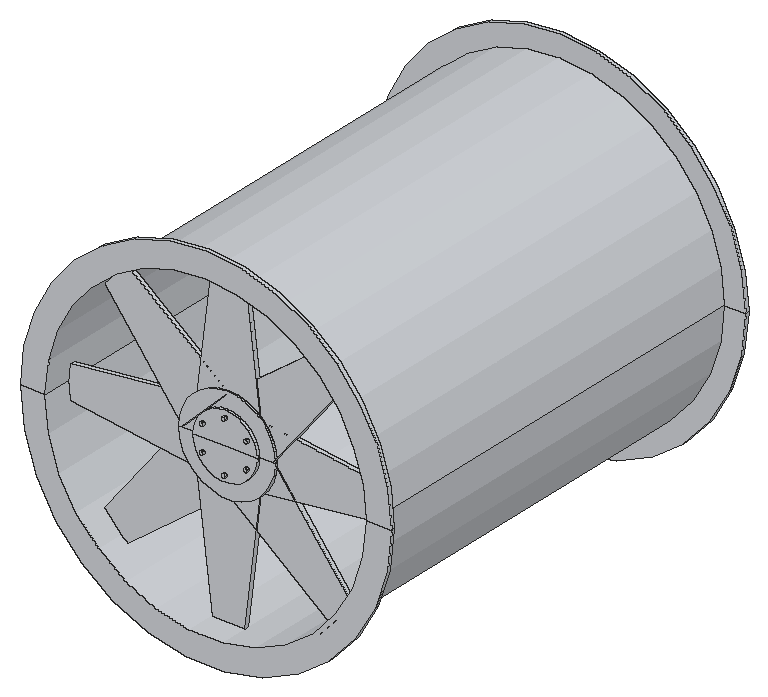
Revit family "CADS_Vent-Axia_MechEquip_Fan_BIFA_450_1Ph4P - SUPPLY", category Mechanical Equipment, Revit 2020
Family settings
  Round Connector Dimension = Use Diameter
  Part Type = Normal
  OmniClass Number = 23.75.00.00
  OmniClass Title = Climate Control (HVAC)
  Work Plane-Based = No
  Always vertical = Yes
  Cut with Voids When Loaded = No
  Shared = No
  Room Calculation Point = No
Parameters (values of type "BIFA451440")
  WorkingPressure = 0.0 Pa
  WarrantyStartDate [instance] = "1900-12-31T23:59:59"
  WarrantyPeriod = ""
  WarrantyIdentifier = "N/A"
  WarrantyGuarantorParts = "tech@vent-axia.com"
  WarrantyGuarantorLabor = "tech@vent-axia.com"
  WarrantyGuarantor = "Vent-Axia Limited"
  WarrantyEndDate [instance] = "1900-12-31T23:59:59"
  WarrantyContent = ""
  TemperatureRange = ""
  TagNumber [instance] = "N/A"
  SustainabilityPerformance = ""
  Status = "New"
  Size = ""
  Shape = ""
  ServiceLifeType = ""
  ServiceLifeDuration = ""
  SerialNumber [instance] = "N/A"
  ReplacementCost = ""
  RatedVoltage = 0 V
  RatedCurrent = 0 A
  Quantity = 1
  ProductionYear = ""
  PressureCurve = ""
  PowerFactor = ""
  PointOfContact = ""
  NumberOfPoles = 0
  NominalWidth = 450 mm
  NominalLength = 625 mm
  NominalHeight = 450 mm
  NominalFrequencyRange = ""
  NominalDiameter = 450 mm
  ModelReference = "BIF 450MM 1PH 4P 40DEG"
  ModelNumber = "BIFA451440"
  Material = ""
  ManufacturerE-Mail = "tech@vent-axia.com"
  ManufacturerAddress = "Fleming Way\nCrawley \nRH10 9YX"
  IsExtendedWarranty = no
  InsulationStandardClass = ""
  InstallationDate [instance] = "1900-12-31T23:59:59"
  IfcExportType [instance] = ""
  IfcExportAs = "IfcFanType"
  IP_Code = ""
  HasProtectiveEarth = no
  GrossWeight = 0.00 kg
  Grade = ""
  GlobalTradeItemNumber [instance] = "N/A"
  Fitting Type = "Ignore"
  Finish = ""
  Features = ""
  ExteriorInsulation = no
  ExpectedServiceLife = 0
  Exclusions = ""
  DurationUnit = "Year"
  Default Elevation = 0 mm
  Constituents = ""
  ConductorFunction = ""
  Color = ""
  CodePerformance = ""
  Category = ""
  CADS_Usage = 0
  CADS_Index = 0
  AssetType = "FIXED"
  AssetIdentifier [instance] = "N/A"
  AssemblyPlace = "UNKNOWN"
  ArticleNumber [instance] = "N/A"
  AirflowRateRange = 0.0 L/s
  Air Flow [instance] = 0.0 L/s
  AccessibilityPerformance = ""
Types (16, lengths in mm): name | ModelReference | ModelNumber
  BIFA451410 | "BIF 450MM 1PH 4P 10DEG" | "BIFA451410"
  BIFA451412 | "BIF 450MM 1PH 4P 12DEG" | "BIFA451412"
  BIFA451414 | "BIF 450MM 1PH 4P 14DEG" | "BIFA451414"
  BIFA451416 | "BIF 450MM 1PH 4P 16DEG" | "BIFA451416"
  BIFA451418 | "BIF 450MM 1PH 4P 18DEG" | "BIFA451418"
  BIFA451420 | "BIF 450MM 1PH 4P 20DEG" | "BIFA451420"
  BIFA451422 | "BIF 450MM 1PH 4P 22DEG" | "BIFA451422"
  BIFA451424 | "BIF 450MM 1PH 4P 24DEG" | "BIFA451424"
  BIFA451426 | "BIF 450MM 1PH 4P 26DEG" | "BIFA451426"
  BIFA451428 | "BIF 450MM 1PH 4P 28DEG" | "BIFA451428"
  BIFA451430 | "BIF 450MM 1PH 4P 30DEG" | "BIFA451430"
  BIFA451432 | "BIF 450MM 1PH 4P 32DEG" | "BIFA451432"
  BIFA451434 | "BIF 450MM 1PH 4P 34DEG" | "BIFA451434"
  BIFA451436 | "BIF 450MM 1PH 4P 36DEG" | "BIFA451436"
  BIFA451438 | "BIF 450MM 1PH 4P 38DEG" | "BIFA451438"
  BIFA451440 | "BIF 450MM 1PH 4P 40DEG" | "BIFA451440"
Reference planes
  plane 1 "Center (Front/Back)": y = 0
  plane 2: z = 0
  plane 3 "Center (Left/Right)": x = 0
  plane 4: x = -225
  plane 5: x = 225
  plane 6 "F": y = -312.5
  plane 7 "B": y = 312.5
  plane 8: x = -260
  plane 9: y = 307.5
  plane 10: y = -307.5
  plane 11: x = -230
  plane 12: y = -272.5
Forms (mm)
  Revolve 1, solid
    sketch origin (0, 0, 0) x (1, 0, 0) y (0, 1, 0)
      loop
        line (-260, -312.5) -> (-225, -312.5) -> (-225, 312.5) -> (-260, 312.5) -> (-260, 307.5) -> (-230, 307.5) -> (-230, -307.5) -> (-260, -307.5) -> (-260, -312.5)
      axis (0, 312.5) -> (0, -312.5)
    angle from 0 to 360
Dimensions and locks
  equal spacing: plane 4, plane 3 "Center (Left/Right)", plane 5
  equal spacing: plane 7 "B", plane 1 "Center (Front/Back)", plane 6 "F"
  "NominalLength": plane 7 "B" to plane 6 "F"
  "NominalDiameter": plane 4 to plane 5
  locked: plane 11 to plane 4 at 5
  locked: plane 8 to plane 11 at 30
  locked: plane 6 "F" to plane 10 at 5
  locked: plane 7 "B" to plane 9 at 5
  locked: plane 6 "F" to plane 12 at 40
  aligned and locked: level to plane 2
  aligned and locked: nested 1 to plane 12
Automatic sketch dimensions
  plane 6 "F" to Revolve 1 sketch curve = 0 mm
  Revolve 1 sketch curve to plane 8 = 0 mm  (x2)
  plane 10 to Revolve 1 sketch curve = 0 mm
  Revolve 1 sketch curve to plane 11 = 0 mm
  Revolve 1 sketch curve to plane 4 = 0 mm
  Revolve 1 sketch curve to plane 3 "Center (Left/Right)" = 0 mm
  plane 1 "Center (Front/Back)" to Revolve 1 sketch curve = 0 mm
  Revolve 1 sketch curve to plane 9 = 0 mm
  Revolve 1 sketch curve to plane 7 "B" = 0 mm
  plane 6 "F" to Revolve 1 sketch curve = 115 mm
Nested families
  nested 1: "Fan for BIFA" at (0, -272.5, 0), ND <- "NominalDiameter", type "Fan for BIFA"
    with hub 45 mm, ND 450 mm, BoltPCD 36 mm, Bolt Count 6, B_Diam 5 mm
  nested 2: "Bolts" at (31.177, -281.672, -18) x (-0.5, 0, -0.866) z (0, 1, 0), type "Bolts"
    with bd 5 mm
  nested 3: "Bolts" at (0, -281.672, -36) x (-1, 0, 0) z (0, 1, 0), type "Bolts"
    with bd 5 mm
  nested 4: "Bolts" at (-31.177, -281.672, -18) x (-0.5, 0, 0.866) z (0, 1, 0), type "Bolts"
    with bd 5 mm
  nested 5: "Bolts" at (-31.177, -281.672, 18) x (0.5, 0, 0.866) z (0, 1, 0), type "Bolts"
    with bd 5 mm
  nested 6: "Bolts" at (31.177, -281.672, 18) x (0.5, 0, -0.866) z (0, 1, 0), type "Bolts"
    with bd 5 mm
  nested 7: "Bolts" at (0, -281.672, 36) x (1, 0, 0) z (0, 1, 0), type "Bolts"
    with bd 5 mm
  nested 8: "BIFA Blade" at (0, -272.5, 0), type "BIFA Blade"
    with a 20.00°, HR 45 mm, HD 90 mm, BT 45 mm, BR 180 mm, BH 40 mm, BD 450 mm, BB 90 mm
  nested 9: "BIFA Blade" at (0, -272.5, 0) x (0.7071, 0, -0.7071) z (0.7071, 0, 0.7071), type "BIFA Blade"
    with a 20.00°, HR 45 mm, HD 90 mm, BT 45 mm, BR 180 mm, BH 40 mm, BD 450 mm, BB 90 mm
  nested 10: "BIFA Blade" at (0, -272.5, 0) x (0, 0, -1) z (1, 0, 0), type "BIFA Blade"
    with a 20.00°, HR 45 mm, HD 90 mm, BT 45 mm, BR 180 mm, BH 40 mm, BD 450 mm, BB 90 mm
  nested 11: "BIFA Blade" at (0, -272.5, 0) x (-0.7071, 0, -0.7071) z (0.7071, 0, -0.7071), type "BIFA Blade"
    with a 20.00°, HR 45 mm, HD 90 mm, BT 45 mm, BR 180 mm, BH 40 mm, BD 450 mm, BB 90 mm
  nested 12: "BIFA Blade" at (0, -272.5, 0) x (-1, 0, 0) z (0, 0, -1), type "BIFA Blade"
    with a 20.00°, HR 45 mm, HD 90 mm, BT 45 mm, BR 180 mm, BH 40 mm, BD 450 mm, BB 90 mm
  nested 13: "BIFA Blade" at (0, -272.5, 0) x (-0.7071, 0, -0.7071) z (-0.7071, 0, 0.7071), type "BIFA Blade"
    with a 20.00°, HR 45 mm, HD 90 mm, BT 45 mm, BR 180 mm, BH 40 mm, BD 450 mm, BB 90 mm
  nested 14: "BIFA Blade" at (0, -272.5, 0) x (0, 0, -1) z (-1, 0, 0), type "BIFA Blade"
    with a 20.00°, HR 45 mm, HD 90 mm, BT 45 mm, BR 180 mm, BH 40 mm, BD 450 mm, BB 90 mm
  nested 15: "BIFA Blade" at (0, -272.5, 0) x (0.7071, 0, -0.7071) z (-0.7071, 0, -0.7071), type "BIFA Blade"
    with a 20.00°, HR 45 mm, HD 90 mm, BT 45 mm, BR 180 mm, BH 40 mm, BD 450 mm, BB 90 mm
Connectors
  hvac at (0, -312.5, 0), driven by "NominalDiameter", driven by "Air Flow"
    settings: on Revolve 1, index 1, duct flow 0.0 L/s, flow factor 0, pres drop 0.0 Pa, loss coef 0, conn angle 0.00°, conn width 304.8 mm, conn height 304.8 mm, conn diameter 450 mm, duct sys type 1, conn prof type 0, flow config 1, flow direction 1, loss method 0, conn ref index -1, conn util no, is conn primary yes, conn desc ""
  hvac at (0, 312.5, 0), driven by "NominalDiameter", driven by "Air Flow"
    settings: on Revolve 1, index 2, duct flow 0.0 L/s, flow factor 0, pres drop 0.0 Pa, loss coef 0, conn angle 0.00°, conn width 304.8 mm, conn height 304.8 mm, conn diameter 450 mm, duct sys type 1, conn prof type 0, flow config 0, flow direction 2, loss method 0, conn ref index -1, conn util no, is conn primary no, conn desc ""
Definition of nested family "Fan for BIFA"
  Parameters (values of type "Fan for BIFA")
    hub [instance] = ND / 10  # 50 mm
    ND [instance] = 500 mm
    Model = "."
    Default Elevation = 0 mm
    BoltPCD [instance] = hub - (hub * 0.2)  # 40 mm
    Bolt Count [instance] = if(hub < 50 mm, 6, 8)  # 8
    B_Diam [instance] = if(hub < 50 mm, 5 mm, 10 mm)  # 10 mm
  Reference planes
    plane 1 "Center (Front/Back)": y = 0
    plane 2: z = 0
    plane 3 "Center (Left/Right)": x = 0
    plane 4 "back": y = 20
    plane 5 "bolts": y = -9.172
    plane 6 "B": z = 50
    plane 7: x = -72.587
    plane 8: x = -50
    plane 9 "hubface": y = -6.172
  Forms (mm)
    Revolve 1, solid
      sketch origin (0, 0, 0) x (1, 0, 0) y (0, 1, 0)
        loop
          line (0, 20) -> (-50, 20) -> (-50, 10.504) -> (-72.587, 10.504) -> (-72.587, -2.597) -> (-50, -2.597) -> (-50, -6.172) -> (0, -6.172) -> (0, 20)
        axis (0, 20) -> (0, -6.172)
      angle from 0 to 360
    Extrusion 2, solid, not visible
      sketch origin (0, -6.347, -4) x (-1, 0, 0) y (0, 0, 1)
        loop
          circle (0, 84) r 5
      from 0 to 3
  Lines and regions (mm)
    symbolic lines
      curve 1: circle (0, -9.172, 0) r 40 normal (0, 1, 0)
    model lines, not visible
      curve 2: line (0, -6.347, 85) -> (0, -6.347, 75)
  Dimensions and locks
    "hub": plane 6 "B" to plane 2
    "hub": nested 3 to plane 3 "Center (Left/Right)"
    "hub": nested 4 to plane 3 "Center (Left/Right)"
    "hub": nested 5 to plane 3 "Center (Left/Right)"
    "hub": plane 3 "Center (Left/Right)" to nested 6
    "hub": Revolve 1 sketch curve to Revolve 1 sketch curve
    "hub": plane 3 "Center (Left/Right)" to nested 7
    "hub": plane 3 "Center (Left/Right)" to nested 8
    "hub": plane 3 "Center (Left/Right)" to nested 9
    "hub": plane 8 to plane 3 "Center (Left/Right)"
    plane 7 to plane 8 = 22.587 mm
    diameter of Extrusion 2 sketch curve = 10 mm
    "BoltPCD": radius of curve 1
    "BoltPCD": radius of radial array
    aligned and locked: level to plane 2
    aligned and locked: plane 6 "B" to nested 1
  Automatic sketch dimensions
    Revolve 1 sketch curve to plane 7 = 0 mm
    Revolve 1 sketch curve to plane 8 = 0 mm  (x2)
    Revolve 1 sketch curve to plane 3 "Center (Left/Right)" = 0 mm
    Revolve 1 sketch curve to plane 9 "hubface" = 0 mm
    plane 4 "back" to Revolve 1 sketch curve = 0 mm
    plane 1 "Center (Front/Back)" to Revolve 1 sketch curve = 2.597 mm
    plane 4 "back" to Revolve 1 sketch curve = 9.496 mm
    plane 4 "back" to Revolve 1 sketch curve = 5 mm
    Revolve 1 sketch curve to Revolve 1 sketch curve = 45 mm
    curve 1 to level = 0 mm
    curve 1 to plane 3 "Center (Left/Right)" = 0 mm
  Nested families
    nested 1: "BIFA Blade" at (0, 0, 25), BD <- "ND", HD <- "hub", type "BIFA Blade"
      with a 20.00°, HR 25 mm, HD 50 mm, BT 25 mm, BR 100 mm, BH 40 mm, BD 250 mm, BB 50 mm
    nested 2: "BIFA Blade" at (0, 0, 55), BD <- "ND", HD <- "hub", type "BIFA Blade", not visible
      with a 20.00°, HR 25 mm, HD 50 mm, BT 25 mm, BR 100 mm, BH 40 mm, BD 250 mm, BB 50 mm
    nested 3: "BIFA Blade" at (17.678, 0, 17.678) x (0.7071, 0, -0.7071) z (0.7071, 0, 0.7071), BD <- "ND", HD <- "hub", type "BIFA Blade"
      with a 20.00°, HR 25 mm, HD 50 mm, BT 25 mm, BR 100 mm, BH 40 mm, BD 250 mm, BB 50 mm
    nested 4: "BIFA Blade" at (25, 0, 0) x (0, 0, -1) z (1, 0, 0), BD <- "ND", HD <- "hub", type "BIFA Blade"
      with a 20.00°, HR 25 mm, HD 50 mm, BT 25 mm, BR 100 mm, BH 40 mm, BD 250 mm, BB 50 mm
    nested 5: "BIFA Blade" at (17.678, 0, -17.678) x (-0.7071, 0, -0.7071) z (0.7071, 0, -0.7071), BD <- "ND", HD <- "hub", type "BIFA Blade"
      with a 20.00°, HR 25 mm, HD 50 mm, BT 25 mm, BR 100 mm, BH 40 mm, BD 250 mm, BB 50 mm
    nested 6: "BIFA Blade" at (0, 0, -25) x (-1, 0, 0) z (0, 0, -1), BD <- "ND", HD <- "hub", type "BIFA Blade"
      with a 20.00°, HR 25 mm, HD 50 mm, BT 25 mm, BR 100 mm, BH 40 mm, BD 250 mm, BB 50 mm
    nested 7: "BIFA Blade" at (-17.678, 0, 17.678) x (-0.7071, 0, -0.7071) z (-0.7071, 0, 0.7071), BD <- "ND", HD <- "hub", type "BIFA Blade"
      with a 20.00°, HR 25 mm, HD 50 mm, BT 25 mm, BR 100 mm, BH 40 mm, BD 250 mm, BB 50 mm
    nested 8: "BIFA Blade" at (-25, 0, 0) x (0, 0, -1) z (-1, 0, 0), BD <- "ND", HD <- "hub", type "BIFA Blade"
      with a 20.00°, HR 25 mm, HD 50 mm, BT 25 mm, BR 100 mm, BH 40 mm, BD 250 mm, BB 50 mm
    nested 9: "BIFA Blade" at (-17.678, 0, -17.678) x (0.7071, 0, -0.7071) z (-0.7071, 0, -0.7071), BD <- "ND", HD <- "hub", type "BIFA Blade"
      with a 20.00°, HR 25 mm, HD 50 mm, BT 25 mm, BR 100 mm, BH 40 mm, BD 250 mm, BB 50 mm
    nested 10: "Bolts" at (0, -9.172, 40) x (1, 0, 0) z (0, 1, 0), bd <- "B_Diam", type "Bolts"
      with bd 10 mm
    nested 11: "Bolts" at (28.284, -9.172, 28.284) x (0.7071, 0, -0.7071) z (0, 1, 0), bd <- "B_Diam", type "Bolts"
      with bd 10 mm
    nested 12: "Bolts" at (-28.284, -9.172, 28.284) x (0.7071, 0, 0.7071) z (0, 1, 0), bd <- "B_Diam", type "Bolts"
      with bd 10 mm
    nested 13: "Bolts" at (-40, -9.172, 0) x (0, 0, 1) z (0, 1, 0), bd <- "B_Diam", type "Bolts"
      with bd 10 mm
    nested 14: "Bolts" at (-28.284, -9.172, -28.284) x (-0.7071, 0, 0.7071) z (0, 1, 0), bd <- "B_Diam", type "Bolts"
      with bd 10 mm
    nested 15: "Bolts" at (0, -9.172, -40) x (-1, 0, 0) z (0, 1, 0), bd <- "B_Diam", type "Bolts"
      with bd 10 mm
    nested 16: "Bolts" at (28.284, -9.172, -28.284) x (-0.7071, 0, -0.7071) z (0, 1, 0), bd <- "B_Diam", type "Bolts"
      with bd 10 mm
    nested 17: "Bolts" at (40, -9.172, 0) x (0, 0, -1) z (0, 1, 0), bd <- "B_Diam", type "Bolts"
      with bd 10 mm
  Definition of nested family "BIFA Blade"
    Parameters (values of type "BIFA Blade")
      a [instance] = 20.00°
      HR [instance] = HD / 2  # 30 mm
      HD [instance] = BD / 5  # 60 mm
      Default Elevation = 1219.2 mm
      BT [instance] = BD / 10  # 30 mm
      BR [instance] = (BD / 2) - HR  # 120 mm
      BH [instance] = 40 mm
      BD [instance] = 300 mm
      BB [instance] = BD / 5  # 60 mm
    Reference planes
      plane 1 "Center (Front/Back)": y = 0
      plane 2: z = 0
      plane 3 "Center (Left/Right)": x = 0
      plane 4 "Blade Bot": z = 30
      plane 5: x = -30
      plane 6: x = 30
      plane 7: x = -15
      plane 8: x = 15
    Forms (mm)
      Blend 1, solid
        base sketch origin (0, 0, 30) x (-1, 0, 0) y (0, -1, 0)
          loop
            line (30, 0) -> (-30, 0) -> (-30, -6) -> (30, -6) -> (30, 0)
        top sketch origin (0, 0, 30) x (-1, 0, 0) y (0, -1, 0)
          loop
            line (15, -6) -> (15, 0) -> (-15, 0) -> (-15, -6) -> (15, -6)
        from 0 to 120 <- "BR"
    Dimensions and locks
      "HR": plane 4 "Blade Bot" to level
      equal spacing: plane 8, plane 3 "Center (Left/Right)", plane 7
      "BT": plane 8 to plane 7
      equal spacing: plane 6, plane 3 "Center (Left/Right)", plane 5
      "BB": plane 6 to plane 5
      aligned and locked: level to plane 2
    Automatic sketch dimensions
      plane 1 "Center (Front/Back)" to Blend 1 sketch curve = 0 mm  (x2)
      Blend 1 sketch curve to plane 6 = 0 mm
      Blend 1 sketch curve to plane 5 = 0 mm
      Blend 1 sketch curve to plane 1 "Center (Front/Back)" = 6 mm  (x2)
      Blend 1 sketch curve to plane 8 = 0 mm
      Blend 1 sketch curve to plane 7 = 0 mm
  Definition of nested family "Bolts"
    Parameters
      bd [instance] = 10 mm
      Default Elevation = 1219.2 mm
    Reference planes
      plane 1 "Center (Front/Back)": y = 0
      plane 2: z = 0
      plane 3 "Center (Left/Right)": x = 0
    Forms (mm)
      Extrusion 1, solid
        sketch origin (0, 0, 0) x (1, 0, 0) y (0, 1, 0)
          loop
            line (-1219.2, 1219.2) -> (-1219.2, -1219.2) -> (1219.2, -1219.2) -> (1219.2, 1219.2) -> (-1219.2, 1219.2)
        from 0 to -304.8
      Extrusion 2, solid
        sketch origin (0, 0, 0) x (1, 0, 0) y (0, 1, 0)
          loop
            circle (0, 0) r 5
        from 0 to 3
    Dimensions and locks
      "bd": diameter of Extrusion 2 sketch curve
      aligned and locked: plane 2 to Extrusion 1
      aligned and locked: level to Extrusion 1
    Automatic sketch dimensions
      Extrusion 1 sketch curve to Extrusion 1 sketch curve = 2438.4 mm  (x2)
      plane 1 "Center (Front/Back)" to Extrusion 2 sketch curve = 0 mm
      Extrusion 2 sketch curve to plane 3 "Center (Left/Right)" = 0 mm
Definition of nested family "Bolts"
  Parameters
    bd [instance] = 10 mm
    Default Elevation = 1219.2 mm
  Reference planes
    plane 1 "Center (Front/Back)": y = 0
    plane 2: z = 0
    plane 3 "Center (Left/Right)": x = 0
  Forms (mm)
    Extrusion 1, solid
      sketch origin (0, 0, 0) x (1, 0, 0) y (0, 1, 0)
        loop
          line (-1219.2, 1219.2) -> (-1219.2, -1219.2) -> (1219.2, -1219.2) -> (1219.2, 1219.2) -> (-1219.2, 1219.2)
      from 0 to -304.8
    Extrusion 2, solid
      sketch origin (0, 0, 0) x (1, 0, 0) y (0, 1, 0)
        loop
          circle (0, 0) r 5
      from 0 to 3
  Dimensions and locks
    "bd": diameter of Extrusion 2 sketch curve
    aligned and locked: plane 2 to Extrusion 1
    aligned and locked: level to Extrusion 1
  Automatic sketch dimensions
    Extrusion 1 sketch curve to Extrusion 1 sketch curve = 2438.4 mm  (x2)
    plane 1 "Center (Front/Back)" to Extrusion 2 sketch curve = 0 mm
    Extrusion 2 sketch curve to plane 3 "Center (Left/Right)" = 0 mm
Definition of nested family "BIFA Blade"
  Parameters (values of type "BIFA Blade")
    a [instance] = 20.00°
    HR [instance] = HD / 2  # 30 mm
    HD [instance] = BD / 5  # 60 mm
    Default Elevation = 1219.2 mm
    BT [instance] = BD / 10  # 30 mm
    BR [instance] = (BD / 2) - HR  # 120 mm
    BH [instance] = 40 mm
    BD [instance] = 300 mm
    BB [instance] = BD / 5  # 60 mm
  Reference planes
    plane 1 "Center (Front/Back)": y = 0
    plane 2: z = 0
    plane 3 "Center (Left/Right)": x = 0
    plane 4 "Blade Bot": z = 30
    plane 5: x = -30
    plane 6: x = 30
    plane 7: x = -15
    plane 8: x = 15
  Forms (mm)
    Blend 1, solid
      base sketch origin (0, 0, 30) x (-1, 0, 0) y (0, -1, 0)
        loop
          line (30, 0) -> (-30, 0) -> (-30, -6) -> (30, -6) -> (30, 0)
      top sketch origin (0, 0, 30) x (-1, 0, 0) y (0, -1, 0)
        loop
          line (15, -6) -> (15, 0) -> (-15, 0) -> (-15, -6) -> (15, -6)
      from 0 to 120 <- "BR"
  Dimensions and locks
    "HR": plane 4 "Blade Bot" to level
    equal spacing: plane 8, plane 3 "Center (Left/Right)", plane 7
    "BT": plane 8 to plane 7
    equal spacing: plane 6, plane 3 "Center (Left/Right)", plane 5
    "BB": plane 6 to plane 5
    aligned and locked: level to plane 2
  Automatic sketch dimensions
    plane 1 "Center (Front/Back)" to Blend 1 sketch curve = 0 mm  (x2)
    Blend 1 sketch curve to plane 6 = 0 mm
    Blend 1 sketch curve to plane 5 = 0 mm
    Blend 1 sketch curve to plane 1 "Center (Front/Back)" = 6 mm  (x2)
    Blend 1 sketch curve to plane 8 = 0 mm
    Blend 1 sketch curve to plane 7 = 0 mm
